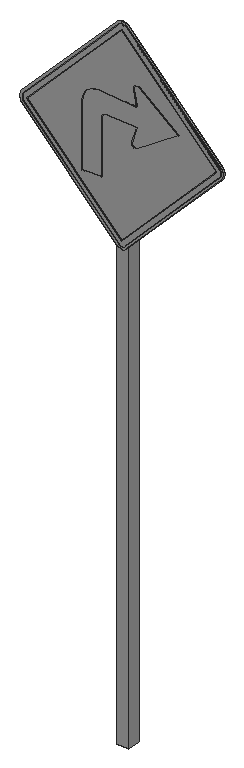
Revit family "señaletica 6A", category Generic Models, host Floor, Revit 2015
Parameters
  ca_Web_del_fabricante = "www.catalogoarquitectura.cl"
  ca_Web_del_Representante = "www.catalogoarquitectura.cl"
  ca_Teléfono = "*"
  ca_Representante = "Fernando Abarca <Fernando@catalogoarquitectura.cl>"
  ca_Producto = "Curva cerrada a la derecha"
  ca_Países_de_distribución = "CL,PE,BR.BO,EC,MX,PA,AR,UR"
  ca_Omniclass® = "*"
  ca_MasterFormat® = "*"
  ca_Itemizado_CDT = "*"
  ca_Fabricante = "Catálogo arquitectura"
  ca_Especificaciones_Técnicas = "Elemento generico para utilizar en proyectos"
  ca_Código_Catálogo_Arquitectura = "190_CARQ_006"
  ca_Creado_por = "Catálogo arquitectura"
  ca_Contacto = "contacto@catalogoarquitectura.cl"
  ca_Certificaciones = "No posee"
Reference planes
  plane 1 "Center (Front/Back)": y = 0
  plane 2: z = 0
  plane 3 "Center (Left/Right)": x = 0
  plane 4: y = -20
Forms (mm)
  Extrusion 1, solid, material "Acero señaletica"
    sketch origin (0, 101.6, 0) x (1, 0, 0) y (0, 1, 0)
      loop
        line (-25, -51.6) -> (-25, -101.6) -> (25, -101.6) -> (25, -51.6) -> (-25, -51.6)
    from 0 to 2200
  Extrusion 2, solid, material "ACERO AMARILLO"
    sketch origin (-20580.763, 0, -3864.269) x (1, 0, 0) y (0, 0, 1)
      loop
        line (20983.814, 6097.32) -> (20601.977, 6479.158)
        arc (20601.977, 6479.158) -> (20580.763, 6487.945) -> (20559.55, 6479.158) r 30
        line (20559.55, 6479.158) -> (20177.713, 6097.32)
        arc (20177.713, 6097.32) -> (20168.926, 6076.107) -> (20177.713, 6054.894) r 30
        line (20177.713, 6054.894) -> (20559.55, 5673.056)
        arc (20559.55, 5673.056) -> (20580.763, 5664.269) -> (20601.977, 5673.056) r 30
        line (20601.977, 5673.056) -> (20983.814, 6054.894)
        arc (20983.814, 6054.894) -> (20992.601, 6076.107) -> (20983.814, 6097.32) r 30
      loop
        arc (20976.743, 6061.965) -> (20982.601, 6076.107) -> (20976.743, 6090.249) r 20
        line (20976.743, 6090.249) -> (20594.906, 6472.087)
        arc (20594.906, 6472.087) -> (20580.763, 6477.945) -> (20566.621, 6472.087) r 20
        line (20566.621, 6472.087) -> (20184.784, 6090.249)
        arc (20184.784, 6090.249) -> (20178.926, 6076.107) -> (20184.784, 6061.965) r 20
        line (20184.784, 6061.965) -> (20566.621, 5680.127)
        arc (20566.621, 5680.127) -> (20580.763, 5674.269) -> (20594.906, 5680.127) r 20
        line (20594.906, 5680.127) -> (20976.743, 6061.965)
    from 0 to 5
  Extrusion 3, solid, material "ACERO NEGRO"
    sketch origin (-12780.357, 0, -3864.269) x (1, 0, 0) y (0, 0, 1)
      loop
        line (12780.357, 6457.945) -> (12398.52, 6076.107) -> (12780.357, 5694.269) -> (13162.195, 6076.107) -> (12780.357, 6457.945)
      loop
        arc (12384.378, 6090.249) -> (12378.52, 6076.107) -> (12384.378, 6061.965) r 20
        line (12384.378, 6061.965) -> (12766.215, 5680.127)
        arc (12766.215, 5680.127) -> (12780.357, 5674.269) -> (12794.5, 5680.127) r 20
        line (12794.5, 5680.127) -> (13176.337, 6061.965)
        arc (13176.337, 6061.965) -> (13182.195, 6076.107) -> (13176.337, 6090.249) r 20
        line (13176.337, 6090.249) -> (12794.5, 6472.087)
        arc (12794.5, 6472.087) -> (12780.357, 6477.945) -> (12766.215, 6472.087) r 20
        line (12766.215, 6472.087) -> (12384.378, 6090.249)
    from 0 to 5
  Extrusion 4, solid, material "ACERO AMARILLO"
    sketch origin (-23180.899, 0, -3864.269) x (1, 0, 0) y (0, 0, 1)
      loop
        line (22799.061, 6076.107) -> (23180.899, 5694.269) -> (23562.736, 6076.107) -> (23180.899, 6457.945) -> (22799.061, 6076.107)
      loop
        line (23100.899, 5896.107) -> (23100.899, 6111.618)
        arc (23100.899, 6111.618) -> (23105.482, 6122.411) -> (23116.432, 6126.608) r 15
        line (23116.432, 6126.608) -> (23239.56, 6122.227) -> (23223.045, 6066.529)
        arc (23223.045, 6066.529) -> (23228.428, 6050.264) -> (23245.55, 6049.655) r 15
        line (23245.55, 6049.655) -> (23410.874, 6156.158) -> (23253.536, 6274.14)
        arc (23253.536, 6274.14) -> (23236.415, 6274.749) -> (23229.89, 6258.908) r 15
        line (23229.89, 6258.908) -> (23242.404, 6202.177) -> (23083.032, 6207.847)
        arc (23083.032, 6207.847) -> (23039.233, 6191.059) -> (23020.899, 6147.885) r 60
        line (23020.899, 6147.885) -> (23020.899, 5896.107) -> (23100.899, 5896.107)
    from 0 to 5
  Extrusion 5, solid, material "ACERO NEGRO"
    sketch origin (-23180.899, 0, -3864.269) x (1, 0, 0) y (0, 0, 1)
      loop
        arc (23253.536, 6274.14) -> (23236.415, 6274.749) -> (23229.89, 6258.908) r 15
        line (23229.89, 6258.908) -> (23242.404, 6202.177) -> (23083.032, 6207.847)
        arc (23083.032, 6207.847) -> (23039.233, 6191.059) -> (23020.899, 6147.885) r 60
        line (23020.899, 6147.885) -> (23020.899, 5896.107) -> (23100.899, 5896.107) -> (23100.899, 6111.618)
        arc (23100.899, 6111.618) -> (23105.482, 6122.411) -> (23116.432, 6126.608) r 15
        line (23116.432, 6126.608) -> (23239.56, 6122.227) -> (23223.045, 6066.529)
        arc (23223.045, 6066.529) -> (23228.428, 6050.264) -> (23245.55, 6049.655) r 15
        line (23245.55, 6049.655) -> (23410.874, 6156.158) -> (23253.536, 6274.14)
    from 0 to 5
Dimensions and locks
  aligned and locked: level to plane 2
